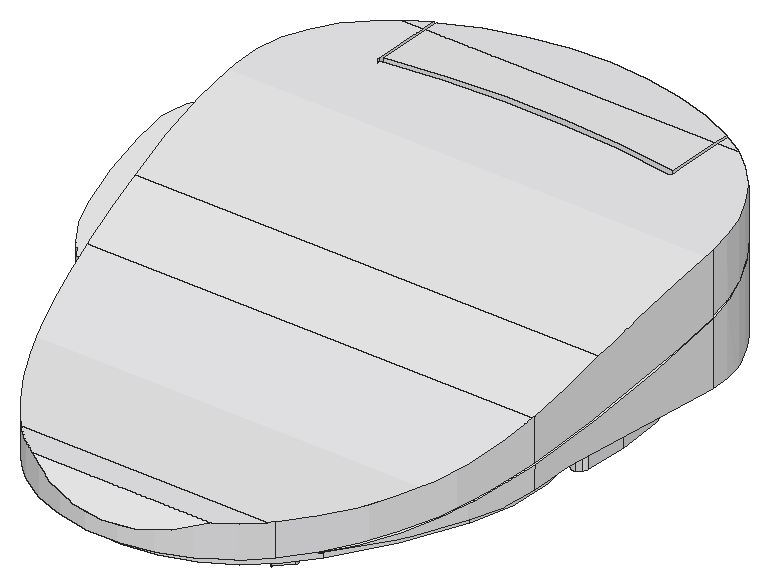
Revit family "Bidet_Seat-Elongated_Closed_Front-Cleansing-KOHLER-C3-145-K-31322T_1", category Plumbing Fixtures, host Face, Revit 2017
Family settings
  Host = Face
  Round Connector Dimension = Use Diameter
  Part Type = Normal
  OmniClass Number = 23.31.19.19.17
  OmniClass Title = Water Closet Seats
  Cut with Voids When Loaded = No
  Shared = No
  Room Calculation Point = No
Parameters (values of type "0-White")
  Width = 17 163/256"  # constant formula
  WaterSense Certified = 1 = 0  # no
  Waste Water Outlet = "Waste Water Outlet"  # constant formula
  Waste Connection = 1 = 0  # no
  Voltage = 220 V  # constant formula
  Vent Connection = 1 = 0  # no
  URL = "http://www.kohler.com.cn/"
  Type = 1
  Product Page URL = "https://www.kohler.com.cn/product/K-31322T-0/K-31322T-0/"
  Product Name = "C3-145"  # constant formula
  Product Documentation Link = "https://files.kohler.com.cn/pdfs/1518002013041_K-8298T-0_8998T_18649T.pdf"
  Pressure = 0.00 psi
  Model = "K-31322T-0"  # constant formula
  Material = "Plastic"  # constant formula
  Master Format 2014 Name = "Toilet, Bath, and Laundry Accessories"  # constant formula
  Master Format 2014 = "10 28 00"  # constant formula
  Manufacturer Address = "Kohler Beijing Office (100016) 36-2-03-B, No. 88, Liuxiang Road, Beijing"  # constant formula
  Manufacturer = "KOHLER Co."  # constant formula
  Length = 20 171/256"  # constant formula
  Hot Water Inlet = "Hot Water Inlet"  # constant formula
  Height = 5 191/256"  # constant formula
  HW Connection = 1 = 0  # no
  Flow Rate = 0 GPM
  Finish = Kohler-Plastic-0-White
  Environmental Product Declaration = ""
  Electrical Note = "One Dedicated Circuit Required"  # constant formula
  Electrical Connector = 1 = 1  # yes
  Description = "Qingshubao Smart Toilet Cover"  # constant formula
  Default Elevation = 15"
  Declare Label = ""
  Date Modified = "06/21/2021"  # constant formula
  Date Created = "06/21/2021"  # constant formula
  Copyright = "Copyright KOHLER Co."  # constant formula
  Contact Us = "http://www.kohler.com.cn/contact/contact-us/"
  Cold Water Inlet = "Cold Water Inlet"  # constant formula
  CW Connection = 1 = 1  # yes
  Assembly Code = "C1030200"
  Apparent Load = 2200 VA  # constant formula
  ADA Compliant = 1 = 0  # no
Reference planes (in)
  plane 1 "Center (Front/Back)": y = 0
  plane 2: z = 0
  plane 3 "Center (Left/Right)": x = 0
  plane 4: x = -9.88135
  plane 5: x = 7.75537
  plane 6: x = -7.75537
  plane 7: y = 10.33398
  plane 8: y = -10.33398
  plane 9: z = 5.38742
  plane 10: z = 0.62992
  plane 11: z = 1.69291
  plane 12: z = -0.31496
  plane 13: y = -1.55578
Forms (in)
  Extrusion 1, void
    sketch origin (0, 0, 0) x (0, 1, 0) y (0, 0, 1)
      loop
        line (5.6893, 0) -> (3.76218, 0) -> (3.76218, -0.36417) -> (5.6893, -0.36417) -> (5.6893, 0)
    from -0.6635 to 0.59674
Dimensions and locks (in)
  "Width": plane 4 to plane 5
  "Length": plane 8 to plane 7
  equal spacing: plane 8, plane 1 "Center (Front/Back)", plane 7
  equal spacing: plane 6, plane 3 "Center (Left/Right)", plane 5
  locked: plane 4 to plane 6 at 2.12598
  plane 6 to plane 5 = 15.51073"
  locked: plane 13 to plane 7 at 11.88976
  aligned and locked: plane 2 to host face
  aligned and locked: level to host face
  aligned and locked: plane 3 "Center (Left/Right)" to nested 1
  aligned and locked: plane 1 "Center (Front/Back)" to nested 1
Automatic sketch dimensions
  host sketch curve to host sketch curve = 96"  (x2)
  Extrusion 1 sketch curve to level = 0"
  Extrusion 1 sketch curve to plane 12 = 0.04921"
  Extrusion 1 sketch curve to plane 1 "Center (Front/Back)" = 3.76218"
  Extrusion 1 sketch curve to Extrusion 1 sketch curve = 1.92711"
Nested families (in)
  nested 1: "K-31322T" at (0, 0, -0.36061), type "K-31322T"
Connectors (in)
  electrical at (-7.91371, 2.1847, 1.65638), driven by "Voltage", driven by "Apparent Load", driven by "Electrical Connector", driven by "Electrical Note"
    settings: on nested 1, index 1, voltage 220 V, apparent load 2200 VA, apparent load phase1 0 VA, apparent load phase2 0 VA, apparent load phase3 0 VA, power factor 1, load classification "Power", number of poles 1, system type 30, power factor state 1, is connector primary yes, connector utility yes, sub classification motor yes, connector description "One Dedicated Circuit Required"
  piping at (-8.68537, 2.89953, 1.86135), diameter 0.5, driven by "Flow Rate", driven by "CW Connection", driven by "Cold Water Inlet"
    settings: on nested 1, index 2, connector inside diameter 24", connector length 0", flow factor 0, pipe flow 0 GPM, pressure drop 0.00 psi, fitting loss kfactor 0, connector angle 0.00°, fixture units 0, engagement length 0", angle of deflection 0.00°, flow configuration 0, flow direction 1, fitting loss method 0, system type 20, joint type 0, gender type 0, connector reference index -1, connector utility 1, adjustable connector no, is connector primary yes, connector description "Cold Water Inlet"
Definition of nested family "K-31322T"
  Parameters (values of type "K-31322T")
    Material = none
  Reference planes (in)
    plane 1 "Center (Front/Back)": y = 0
    plane 2: z = 0
    plane 3 "Center (Left/Right)": x = 0
    plane 4: x = 7.75591
    plane 5: x = -7.75591
    plane 6: y = 10.33465
    plane 7: y = -10.33465
    plane 8: x = -9.88189
    plane 9: z = 5.74803
    plane 10: z = 0.62992
    plane 11: z = 2.05352
    plane 12: z = 0.36061
    plane 13: y = -1.55512
  Forms (in)
    Extrusion 1, solid, material <- "Material", detail levels medium+fine
      sketch origin (0, 0, 0) x (1, 0, 0) y (0, 1, 0)
        loop
          arc (-4.1611, -8.43538) -> (0, -10.33465) -> (4.1611, -8.43538) r 5.50792
          arc (4.1611, -8.43538) -> (6.1734, -5.32654) -> (7.24698, -1.78229) r 13.25333
          arc (7.24698, -1.78229) -> (7.62848, 1.50716) -> (7.75591, 4.8162) r 43.03057
          spline (7.75591, 4.8162) -> (7.49156, 6.24503) -> (6.71674, 7.57536) -> (5.4842, 8.7181) -> (3.87777, 9.59517) -> (2.00733, 10.14659) -> (0, 10.33458) -> (-2.00732, 10.14656) -> (-3.87784, 9.5953) -> (-5.4841, 8.71838) -> (-6.71664, 7.57556) -> (-7.49152, 6.24469) -> (-7.75591, 4.8162)
          arc (-7.75591, 4.8162) -> (-7.62848, 1.50716) -> (-7.24698, -1.78229) r 43.03057
          arc (-7.24698, -1.78229) -> (-6.1734, -5.32654) -> (-4.1611, -8.43538) r 13.25333
      from 0.99806 to 5.74803
    Extrusion 2, void
      sketch origin (0, 0, 0) x (0, 1, 0) y (0, 0, 1)
        loop
          line (-11.37271, 2.05352) -> (-8.60086, 2.05352)
          arc (-8.60086, 2.05352) -> (-5.16909, 2.35718) -> (-1.84395, 3.25871) r 19.54405
          arc (-1.84395, 3.25871) -> (-0.67824, 3.69781) -> (0.481, 4.15373) r 86.12169
          arc (0.481, 4.15373) -> (4.52798, 5.3458) -> (8.72765, 5.74803) r 22.1254
          line (8.72765, 5.74803) -> (12.24934, 5.74803) -> (12.24934, 7.16535) -> (-11.37271, 7.16535) -> (-11.37271, 2.05352)
      from -13.23151 to 11.10812
    Extrusion 3, void
      sketch origin (0, 0, 0) x (1, 0, 0) y (0, 1, 0)
        loop
          line (-4.79232, 9.63353) -> (-4.79232, 6.91421)
          arc (-4.79232, 6.91421) -> (-4.76926, 6.85853) -> (-4.71358, 6.83547) r 0.07874
          arc (-4.71358, 6.83547) -> (0, 7.15272) -> (4.71358, 6.83547) r 35.17403
          arc (4.71358, 6.83547) -> (4.76926, 6.85853) -> (4.79232, 6.91421) r 0.07874
          line (4.79232, 6.91421) -> (4.79232, 9.63353) -> (4.70977, 9.63353) -> (4.70977, 7.01709)
          arc (4.70977, 7.01709) -> (0, 7.35332) -> (-4.70977, 7.01709) r 33.154
          line (-4.70977, 7.01709) -> (-4.70977, 9.63353) -> (-4.79232, 9.63353)
      from 5.11346 to 8.77571
    Extrusion 4, solid, material <- "Material", detail levels medium+fine
      sketch origin (0, 0, 0) x (1, 0, 0) y (0, 1, 0)
        loop
          arc (-4.42629, -7.54412) -> (0.23535, -9.84584) -> (4.68689, -7.16021) r 5.41467
          arc (4.68689, -7.16021) -> (5.70383, -5.3598) -> (6.47059, -3.43946) r 15.41096
          arc (6.47059, -3.43946) -> (0, 5.45337) -> (-6.47059, -3.43946) r 6.80048
          arc (-6.47059, -3.43946) -> (-5.60196, -5.56825) -> (-4.42629, -7.54412) r 15.41096
        loop
          arc (-1.76588, -6.97058) -> (0.00015, -7.8686) -> (1.76619, -6.97058) r 2.18553
          arc (1.76619, -6.97058) -> (3.41428, -3.82058) -> (4.07249, -0.32695) r 12.06174
          arc (4.07249, -0.32695) -> (0, 3.90463) -> (-4.07249, -0.32695) r 4.07548
          arc (-4.07249, -0.32695) -> (-3.41428, -3.82058) -> (-1.76588, -6.97058) r 12.06174
      from 0.63622 to 1.55
    Extrusion 5, void
      sketch origin (0, 0, 0) x (0, 1, 0) y (0, 0, 1)
        loop
          line (-9.54724, 0.6362) -> (-9.54724, 0.36061) -> (10.76392, 0.36061) -> (10.76392, 1.35867) -> (-0.64333, 1.35867)
          arc (-0.64333, 1.35867) -> (-1.679, 1.17167) -> (-2.72027, 1.01891) r 31.91272
          arc (-2.72027, 1.01891) -> (-5.67278, 0.73198) -> (-8.63765, 0.6362) r 45.93796
          line (-8.63765, 0.6362) -> (-9.54724, 0.6362)
      from -9.84252 to 9.84252
    Extrusion 6, solid, material <- "Material", detail levels medium+fine
      sketch origin (0, 0, 0) x (1, 0, 0) y (0, 1, 0)
        loop
          line (-2.26156, 3.95799) -> (2.26156, 3.95799)
          arc (2.26156, 3.95799) -> (4.98122, 3.0196) -> (6.54353, 0.60376) r 4.41027
          arc (6.54353, 0.60376) -> (6.683, 0.3881) -> (6.92578, 0.30433) r 0.3937
          line (6.92578, 0.30433) -> (7.13441, 0.30433)
          arc (7.13441, 0.30433) -> (7.22308, 0.34106) -> (7.25981, 0.42973) r 0.12539
          line (7.25981, 0.42973) -> (7.25981, 1.82959)
          arc (7.25981, 1.82959) -> (0, 9.0894) -> (-7.25981, 1.82959) r 7.25981
          line (-7.25981, 1.82959) -> (-7.25981, 0.42973)
          arc (-7.25981, 0.42973) -> (-7.22308, 0.34106) -> (-7.13441, 0.30433) r 0.12539
          line (-7.13441, 0.30433) -> (-6.92578, 0.30433)
          arc (-6.92578, 0.30433) -> (-6.683, 0.3881) -> (-6.54353, 0.60376) r 0.3937
          arc (-6.54353, 0.60376) -> (-4.98122, 3.0196) -> (-2.26156, 3.95799) r 4.41027
      from 0.62992 to 1.35867
    Sweep 7, void
      path in 3D
        loop
          line (7.25981, 0.05794, 0.62992) -> (7.25981, 1.82959, 0.62992)
          arc (7.25981, 1.82959, 0.62992) -> (0, 9.0894, 0.62992) -> (-7.25981, 1.82959, 0.62992) r 7.25981
          line (-7.25981, 1.82959, 0.62992) -> (-7.25981, -0.2184, 0.62992)
      profile origin (0, 9.0894, 0.62992) x (0, 1, 0) y (0, 0, -1)
        loop
          line (0, 0) -> (-0.41994, 0) -> (0, -0.16615) -> (0, 0)
    Extrusion 8, void
      sketch origin (0, 0, 0) x (0, 1, 0) y (0, 0, 1)
        loop
          arc (9.15501, 5.11346) -> (9.01421, 4.69705) -> (8.64962, 4.45153) r 0.68617
          arc (8.64962, 4.45153) -> (2.52282, 2.89184) -> (-3.65438, 1.54552) r 182.31005
          arc (-3.65438, 1.54552) -> (-6.29738, 1.14613) -> (-8.96628, 0.99806) r 28.28005
          line (-8.96628, 0.99806) -> (-8.96628, 0.95239)
          arc (-8.96628, 0.95239) -> (-6.29289, 1.10068) -> (-3.64543, 1.50074) r 28.32572
          arc (-3.64543, 1.50074) -> (2.53331, 2.84739) -> (8.66165, 4.40747) r 182.35572
          arc (8.66165, 4.40747) -> (9.0504, 4.66942) -> (9.20053, 5.11346) r 0.7317
          line (9.20053, 5.11346) -> (9.15501, 5.11346)
      from -10.51441 to 9.84252
    Extrusion 9, solid, material <- "Material", detail levels medium+fine
      sketch origin (0, 0, 0) x (1, 0, 0) y (0, 1, 0)
        loop
          line (-3.58717, -7.94985) -> (-2.82128, -6.83302)
          arc (-2.82128, -6.83302) -> (-2.8006, -6.76373) -> (-2.82418, -6.69538) r 0.11811
          line (-2.82418, -6.69538) -> (-3.04006, -6.40739)
          arc (-3.04006, -6.40739) -> (-3.09953, -6.37596) -> (-3.16158, -6.40193) r 0.07874
          line (-3.16158, -6.40193) -> (-4.03487, -7.37183)
          arc (-4.03487, -7.37183) -> (-4.05507, -7.42245) -> (-4.03755, -7.47407) r 0.07874
          line (-4.03755, -7.47407) -> (-3.65023, -7.95236)
          arc (-3.65023, -7.95236) -> (-3.61807, -7.96692) -> (-3.58717, -7.94985) r 0.03937
        loop
          arc (3.58717, -7.94985) -> (3.61807, -7.96692) -> (3.65023, -7.95236) r 0.03937
          line (3.65023, -7.95236) -> (4.03755, -7.47407)
          arc (4.03755, -7.47407) -> (4.05507, -7.42245) -> (4.03487, -7.37183) r 0.07874
          line (4.03487, -7.37183) -> (3.16158, -6.40193)
          arc (3.16158, -6.40193) -> (3.09953, -6.37596) -> (3.04006, -6.40739) r 0.07874
          line (3.04006, -6.40739) -> (2.82418, -6.69538)
          arc (2.82418, -6.69538) -> (2.8006, -6.76373) -> (2.82128, -6.83302) r 0.11811
          line (2.82128, -6.83302) -> (3.58717, -7.94985)
      from 0.36063 to 1.55
    Extrusion 10, solid, material <- "Material", detail levels medium+fine
      sketch origin (0, 0, 0.21297) x (0, 1, 0) y (0, 0, 1)
        loop
          arc (-0.13671, 0.47796) -> (-0.03555, 0.52194) -> (0.01193, 0.6215) r 0.15748
          line (0.01193, 0.6215) -> (0.07713, 1.36678) -> (-3.14566, 0.94424) -> (-2.39361, 0.43869)
          arc (-2.39361, 0.43869) -> (-2.27889, 0.38597) -> (-2.15337, 0.37227) r 0.3937
          line (-2.15337, 0.37227) -> (-0.13671, 0.47796)
      from 4.56709 to 6.44496
    Extrusion 11, solid, material <- "Material", detail levels medium+fine
      sketch origin (0, 0, 0.36061) x (0, 1, 0) y (0, 0, -1)
        loop
          line (-0.13671, -0.33032) -> (-2.15337, -0.22463)
          arc (-2.15337, -0.22463) -> (-2.27889, -0.23833) -> (-2.39361, -0.29106) r 0.3937
          line (-2.39361, -0.29106) -> (-3.14566, -0.7966) -> (0.07713, -1.21914) -> (0.01193, -0.47386)
          arc (0.01193, -0.47386) -> (-0.03555, -0.3743) -> (-0.13671, -0.33032) r 0.15748
      from 4.56709 to 6.44496
    Extrusion 12, solid, material <- "Material", detail levels medium+fine
      sketch origin (0, 0, 0) x (0, 1, 0) y (0, 0, 1)
        loop
          line (6.52211, 3.87117) -> (-1.53424, 1.6399)
          arc (-1.53424, 1.6399) -> (-1.54931, 1.62969) -> (-1.55512, 1.61245) r 0.02848
          line (-1.55512, 1.61245) -> (-1.55512, 1.52381)
          arc (-1.55512, 1.52381) -> (-1.5458, 1.50501) -> (-1.52519, 1.50105) r 0.02362
          line (-1.52519, 1.50105) -> (-1.48906, 1.51105) -> (-1.44456, 1.08759)
          arc (-1.44456, 1.08759) -> (-1.40488, 1.02156) -> (-1.3288, 1.00951) r 0.09113
          line (-1.3288, 1.00951) -> (6.06415, 3.1294)
          arc (6.06415, 3.1294) -> (6.28502, 3.26742) -> (6.39919, 3.5015) r 0.47244
          line (6.39919, 3.5015) -> (6.42444, 3.64474) -> (6.51892, 3.67183) -> (6.54966, 3.84613)
          arc (6.54966, 3.84613) -> (6.54278, 3.86625) -> (6.52211, 3.87117) r 0.02201
      from -10.56348 to -5.551
    Extrusion 13, void
      sketch origin (0, 0, 0) x (1, 0, 0) y (0, 1, 0)
        loop
          line (-6.89276, 6.78489) -> (-11.02662, 6.78489) -> (-11.02662, -1.55512) -> (-7.28161, -1.55512)
          arc (-7.28161, -1.55512) -> (-7.88353, -1.19172) -> (-8.43903, -0.76068) r 6.02524
          arc (-8.43903, -0.76068) -> (-9.12918, 0.05124) -> (-9.5525, 1.02914) r 3.61343
          arc (-9.5525, 1.02914) -> (-9.79919, 2.27548) -> (-9.88189, 3.54331) r 9.75979
          line (-9.88189, 3.54331) -> (-9.88189, 4.09677)
          arc (-9.88189, 4.09677) -> (-9.65858, 4.93018) -> (-9.04848, 5.54028) r 1.66682
          line (-9.04848, 5.54028) -> (-6.89276, 6.78489)
      from 0 to 9.84252
    Extrusion 14, void
      sketch origin (0, 0, 0.26931) x (0, 1, 0) y (0, 0, 1)
        loop
          line (-10.62905, 0.99806) -> (-9.50631, 1.78421) -> (-10.67533, 1.78421) -> (-10.67533, 0.99806) -> (-10.62905, 0.99806)
      from -3.93701 to 3.93701
    Extrusion 15, solid, material <- "Material", detail levels medium+fine
      sketch origin (0, 0, 0) x (0, 1, 0) y (0, 0, 1)
        loop
          line (5.84261, 0.62992) -> (4.05957, 0.62992) -> (4.05957, 0.22551) -> (4.01967, 0.22551) -> (4.01967, 0.14855) -> (4.27872, 0.04911)
          arc (4.27872, 0.04911) -> (4.34807, 0.02955) -> (4.41981, 0.02296) r 0.3937
          line (4.41981, 0.02296) -> (4.57874, 0.02296)
          arc (4.57874, 0.02296) -> (4.61548, 0.02882) -> (4.64858, 0.04582) r 0.11811
          line (4.64858, 0.04582) -> (4.83377, 0.18161)
          arc (4.83377, 0.18161) -> (4.85584, 0.19294) -> (4.88033, 0.19685) r 0.07874
          line (4.88033, 0.19685) -> (5.24585, 0.19685)
          arc (5.24585, 0.19685) -> (5.31229, 0.2084) -> (5.37094, 0.24171) r 0.19685
          line (5.37094, 0.24171) -> (5.84261, 0.62992)
      from -0.62921 to 0.55744
    Extrusion 16, solid, material <- "Material", detail levels coarse
      sketch origin (0, 0, 0) x (1, 0, 0) y (0, 1, 0)
        loop
          arc (-4.1611, -8.43538) -> (0, -10.33465) -> (4.1611, -8.43538) r 5.50792
          arc (4.1611, -8.43538) -> (6.1734, -5.32654) -> (7.24698, -1.78229) r 13.25333
          arc (7.24698, -1.78229) -> (7.62848, 1.50716) -> (7.75591, 4.8162) r 43.03057
          spline (7.75591, 4.8162) -> (7.49156, 6.24503) -> (6.71674, 7.57536) -> (5.4842, 8.7181) -> (3.87777, 9.59517) -> (2.00733, 10.14659) -> (0, 10.33458) -> (-2.00732, 10.14656) -> (-3.87784, 9.5953) -> (-5.4841, 8.71838) -> (-6.71664, 7.57556) -> (-7.49152, 6.24469) -> (-7.75591, 4.8162)
          arc (-7.75591, 4.8162) -> (-7.62848, 1.50716) -> (-7.24698, -1.78229) r 43.03057
          arc (-7.24698, -1.78229) -> (-6.1734, -5.32654) -> (-4.1611, -8.43538) r 13.25333
      from 0.02296 to 5.74803
    Extrusion 17, void
      sketch origin (0, 0, 0) x (0, 1, 0) y (0, 0, 1)
        loop
          line (-11.61776, 1.34062) -> (9.95329, 6.85243) -> (-11.61776, 6.85243) -> (-11.61776, 1.34062)
      from -11.84352 to 9.84252
    Extrusion 18, solid, material <- "Material", detail levels coarse
      sketch origin (0, 0, 0) x (0, 1, 0) y (0, 0, 1)
        loop
          line (-1.48506, 0.9647) -> (6.68385, 3.3071) -> (6.52211, 3.87117) -> (-1.66224, 1.60445) -> (-1.48506, 0.9647)
      from -9.88189 to -4.79232
    Extrusion 19, solid, material <- "Material", detail levels medium+fine
      sketch origin (0, 3.92772, 2.51679) x (0, -0.961262, -0.275637) y (-1, 0, 0)
        loop
          circle (1.06963, 8.68537) r 0.19685
      from 0 to -0.07874
  Cuts and joins
    Extrusion 2, Extrusion 3, Extrusion 5, Extrusion 8, Extrusion 14 cuts Extrusion 1
    Sweep 7 cuts Extrusion 6
    joined: Extrusion 1, Extrusion 6, Extrusion 10, Extrusion 11, Extrusion 15
    Extrusion 13 cuts Extrusion 12
    joined: Extrusion 4, Extrusion 9, Extrusion 12
    Extrusion 17 cuts Extrusion 16
    joined: Extrusion 16, Extrusion 18
  Lines and regions (in)
    Masking region 1
      outline origin (0, 0, 0) x (1, 0, 0) y (0, 1, 0)
        loop
          arc (-4.1611, -8.43538) -> (0, -10.33465) -> (4.1611, -8.43538) r 5.50792
          arc (4.1611, -8.43538) -> (6.1734, -5.32654) -> (7.24698, -1.78229) r 13.25333
          arc (7.24698, -1.78229) -> (7.62848, 1.50716) -> (7.75591, 4.8162) r 43.03057
          spline (7.75591, 4.8162) -> (7.54099, 6.10628) -> (6.90817, 7.32486) -> (5.89251, 8.40441) -> (4.55029, 9.28512) -> (2.95589, 9.91815) -> (1.19769, 10.26845) -> (-0.62689, 10.31659) -> (-2.41672, 10.05991) -> (-4.07263, 9.51262) -> (-5.50283, 8.70507) -> (-6.62808, 7.682) -> (-7.386, 6.50011)
          line (-7.386, 6.50011) -> (-9.04848, 5.54028)
          arc (-9.04848, 5.54028) -> (-9.65858, 4.93018) -> (-9.88189, 4.09677) r 1.66682
          line (-9.88189, 4.09677) -> (-9.88189, 3.54331)
          arc (-9.88189, 3.54331) -> (-9.79919, 2.27548) -> (-9.5525, 1.02914) r 9.75979
          arc (-9.5525, 1.02914) -> (-9.12918, 0.05124) -> (-8.43903, -0.76068) r 3.61343
          arc (-8.43903, -0.76068) -> (-7.88284, -1.1922) -> (-7.28011, -1.55591) r 6.02524
          arc (-7.28011, -1.55591) -> (-6.22109, -5.22255) -> (-4.1611, -8.43538) r 13.25333
    Masking region 2
      outline origin (0, 0, 0) x (1, 0, 0) y (0, 0, 1)
        loop
          line (-9.88189, 3.19396) -> (-9.88189, 2.40656)
          spline (-9.88189, 2.40656) -> (-9.87959, 2.34549) -> (-9.87263, 2.28445) -> (-9.86101, 2.22346) -> (-9.84475, 2.16255) -> (-9.82384, 2.10175) -> (-9.7983, 2.04108) -> (-9.76814, 1.98058) -> (-9.73338, 1.92026) -> (-9.69402, 1.86016) -> (-9.65008, 1.8003) -> (-9.60159, 1.74071) -> (-9.54849, 1.68147)
          spline (-9.54849, 1.68147) -> (-9.49962, 1.6339) -> (-9.44263, 1.58701) -> (-9.37764, 1.54093) -> (-9.3048, 1.49574) -> (-9.22427, 1.45156) -> (-9.13623, 1.40848) -> (-9.04089, 1.36659) -> (-8.93845, 1.326) -> (-8.82914, 1.2868) -> (-8.71321, 1.24906) -> (-8.59093, 1.21289) -> (-8.46256, 1.17835)
          spline (-8.46256, 1.17835) -> (-8.39612, 1.16176) -> (-8.32878, 1.14544) -> (-8.26058, 1.1294) -> (-8.19153, 1.11364) -> (-8.12163, 1.09817) -> (-8.05091, 1.08298) -> (-7.97938, 1.06808) -> (-7.90705, 1.05348) -> (-7.83395, 1.03917) -> (-7.76009, 1.02516) -> (-7.68548, 1.01146) -> (-7.61015, 0.99806)
          line (-7.61015, 0.99806) -> (-7.26028, 0.99806) -> (-7.26028, 0.79626) -> (-6.83987, 0.62992) -> (-4.05509, 0.62992) -> (-4.05509, 0.36061) -> (-2.80057, 0.36061) -> (-2.80057, 0.62992) -> (-0.62921, 0.62992) -> (-0.62921, 0) -> (0.55744, 0) -> (0.55744, 0.62992) -> (2.80057, 0.62992) -> (2.80057, 0.36061) -> (4.05509, 0.36061) -> (4.05509, 0.63622) -> (6.85579, 0.63622) -> (7.26028, 0.79626) -> (7.26028, 0.99806)
          arc (7.26028, 0.99806) -> (7.61077, 1.14353) -> (7.75591, 1.49416) r 0.4961
          line (7.75591, 1.49416) -> (7.75591, 5.39954)
          spline (7.75591, 5.39954) -> (7.73615, 5.46586) -> (7.67937, 5.52425) -> (7.58528, 5.57513) -> (7.45575, 5.61849) -> (7.29327, 5.65437) -> (7.10076, 5.68327) -> (6.88117, 5.70585) -> (6.63719, 5.72279) -> (6.37156, 5.73479) -> (6.08741, 5.74255) -> (5.78725, 5.74676) -> (5.47074, 5.74803)
          line (5.47074, 5.74803) -> (-5.47104, 5.74803)
          spline (-5.47104, 5.74803) -> (-5.78753, 5.74676) -> (-6.08765, 5.74255) -> (-6.37175, 5.73479) -> (-6.63732, 5.72279) -> (-6.8812, 5.70585) -> (-7.10069, 5.68326) -> (-7.29315, 5.65436) -> (-7.45562, 5.61848) -> (-7.5852, 5.57512) -> (-7.67935, 5.52424) -> (-7.73616, 5.46585) -> (-7.75591, 5.39954)
          line (-7.75591, 5.39954) -> (-7.75591, 3.80593) -> (-9.07967, 3.59426)
          spline (-9.07967, 3.59426) -> (-9.19936, 3.57182) -> (-9.31158, 3.54678) -> (-9.41554, 3.51931) -> (-9.51049, 3.48962) -> (-9.59579, 3.4579) -> (-9.67081, 3.42439) -> (-9.73504, 3.38931) -> (-9.78801, 3.35293) -> (-9.82937, 3.31548) -> (-9.85881, 3.27724) -> (-9.87613, 3.23847) -> (-9.88121, 3.19945)
    Masking region 3
      outline origin (0, 0, 0) x (0, 1, 0) y (0, 0, 1)
        loop
          line (10.33465, 0.99806) -> (10.33465, 5.13131) -> (9.71792, 5.74803) -> (8.72765, 5.74803)
          arc (8.72765, 5.74803) -> (4.52798, 5.3458) -> (0.481, 4.15373) r 22.1254
          arc (0.481, 4.15373) -> (-0.64758, 3.70962) -> (-1.78229, 3.28145) r 86.12169
          arc (-1.78229, 3.28145) -> (-5.48656, 2.30497) -> (-9.30912, 2.05352) r 19.97649
          line (-9.30912, 2.05352) -> (-9.5444, 2.05352)
          arc (-9.5444, 2.05352) -> (-9.59175, 2.04624) -> (-9.63472, 2.02504) r 0.15748
          line (-9.63472, 2.02504) -> (-10.21481, 1.61886)
          arc (-10.21481, 1.61886) -> (-10.27323, 1.55455) -> (-10.29827, 1.47134) r 0.19685
          line (-10.29827, 1.47134) -> (-10.33465, 0.95116) -> (-9.85064, 0.95116) -> (-9.85064, 0.71494)
          arc (-9.85064, 0.71494) -> (-9.82758, 0.65926) -> (-9.7719, 0.6362) r 0.07874
          line (-9.7719, 0.6362) -> (-8.63765, 0.6362)
          arc (-8.63765, 0.6362) -> (-8.3033, 0.63742) -> (-7.96897, 0.64107) r 45.93796
          line (-7.96897, 0.64107) -> (-7.77259, 0.36061) -> (-6.45833, 0.36061) -> (-6.39119, 0.62992) -> (-6.00687, 0.62992)
          arc (-6.00687, 0.62992) -> (-4.23466, 0.68505) -> (-2.46931, 0.85021) r 28.51502
          line (-2.46931, 0.85021) -> (-2.34085, 0.76385)
          arc (-2.34085, 0.76385) -> (-2.13118, 0.66415) -> (-1.90156, 0.62992) r 0.7874
          line (-1.90156, 0.62992) -> (0.01267, 0.62992) -> (0.05773, 1.14497)
          arc (0.05773, 1.14497) -> (3.11114, 1.98523) -> (6.06415, 3.1294) r 31.33592
          arc (6.06415, 3.1294) -> (3.31449, 1.89212) -> (0.42643, 1.02575) r 22.9642
          arc (0.42643, 1.02575) -> (0.33859, 0.97043) -> (0.30433, 0.87243) r 0.15731
          line (0.30433, 0.87243) -> (0.30433, 0.62992) -> (4.05957, 0.62992) -> (4.05957, 0.22551) -> (4.01967, 0.22551) -> (4.01967, 0.14855) -> (4.27872, 0.04911)
          arc (4.27872, 0.04911) -> (4.34807, 0.02955) -> (4.41981, 0.02296) r 0.3937
          line (4.41981, 0.02296) -> (4.57874, 0.02296)
          arc (4.57874, 0.02296) -> (4.61548, 0.02882) -> (4.64858, 0.04582) r 0.11811
          line (4.64858, 0.04582) -> (4.83377, 0.18161)
          arc (4.83377, 0.18161) -> (4.85584, 0.19294) -> (4.88033, 0.19685) r 0.07874
          line (4.88033, 0.19685) -> (5.24585, 0.19685)
          arc (5.24585, 0.19685) -> (5.31229, 0.2084) -> (5.37094, 0.24171) r 0.19685
          line (5.37094, 0.24171) -> (5.84261, 0.62992) -> (8.66946, 0.62992) -> (9.0894, 0.79607) -> (9.0894, 0.99806)
          arc (9.0894, 0.99806) -> (9.25066, 1.15932) -> (9.41192, 0.99806) r 0.16126
          line (9.41192, 0.99806) -> (10.33465, 0.99806)
    sketch lines
      curve 1: arc (7.25981, 1.82959, 0.62992) -> (0, 9.0894, 0.62992) -> (-7.25981, 1.82959, 0.62992) r 7.25981
      curve 2: line (-7.25981, -0.2184, 0.62992) -> (-7.25981, 1.82959, 0.62992)
      curve 3: line (7.25981, 1.82959, 0.62992) -> (7.25981, 0.05794, 0.62992)
    symbolic lines, detail levels medium+fine
      curve 4: arc (-7.75591, 4.8162, 0) -> (-7.62848, 1.50716, 0) -> (-7.24698, -1.78229, 0) r 43.03057
      curve 5: line (7.75591, 4.8162, 0) -> (-7.75591, 4.8162, 0)
      curve 6: line (-4.79232, 9.15501, 0) -> (-4.79232, 6.91421, 0)
      curve 7: line (-4.70977, 7.01709, 0) -> (-4.70977, 9.20053, 0)
      curve 8: arc (4.70977, 7.01709, 0) -> (0, 7.35332, 0) -> (-4.70977, 7.01709, 0) r 33.154
      curve 9: arc (-4.79232, 6.91421, 0) -> (-4.76926, 6.85853, 0) -> (-4.71358, 6.83547, 0) r 0.07874
      curve 10: line (4.79232, 6.91421, 0) -> (4.79232, 9.1548, 0)
      curve 11: line (4.70977, 9.20032, 0) -> (4.70977, 7.01709, 0)
      curve 12: arc (-4.71358, 6.83547, 0) -> (0, 7.15272, 0) -> (4.71358, 6.83547, 0) r 35.17403
      curve 13: arc (4.71358, 6.83547, 0) -> (4.76926, 6.85853, 0) -> (4.79232, 6.91421, 0) r 0.07874
      curve 14: arc (-4.70977, 9.07348, 0) -> (-2.62006, 9.90798, 0) -> (-0.39625, 10.25139, 0) r 9.94597
      curve 15: arc (-4.70977, 8.91072, 0) -> (0, 9.99975, 0) -> (4.70977, 8.91072, 0) r 10.72881
      curve 16: line (-7.50699, 6.20296, 0) -> (-8.95006, 5.3698, 0)
      curve 17: arc (-8.95006, 5.3698, 0) -> (-9.4881, 4.83176, 0) -> (-9.68504, 4.09677, 0) r 1.46997
      curve 18: line (-9.68504, 4.09677, 0) -> (-9.68504, 3.54331, 0)
      curve 19: arc (-9.68504, 3.54331, 0) -> (-9.60401, 2.30105, 0) -> (-9.3623, 1.07985, 0) r 9.56294
      curve 20: arc (-9.3623, 1.07985, 0) -> (-8.618, -0.30605, 0) -> (-7.33163, -1.21155, 0) r 3.41658
      curve 21: arc (-7.67717, 4.8162, 0) -> (-7.54998, 1.51321, 0) -> (-7.16917, -1.77021, 0) r 42.95183
      curve 22: arc (-7.16917, -1.77021, 0) -> (-6.10197, -5.29341, 0) -> (-4.10162, -8.38379, 0) r 13.17459
      curve 23: arc (-4.10162, -8.38379, 0) -> (0, -10.25591, 0) -> (4.10162, -8.38379, 0) r 5.42918
      curve 24: arc (4.10162, -8.38379, 0) -> (6.10197, -5.29341, 0) -> (7.16917, -1.77021, 0) r 13.17459
      curve 25: arc (7.16917, -1.77021, 0) -> (7.54998, 1.51321, 0) -> (7.67717, 4.8162, 0) r 42.95183
      curve 26: arc (-3.89047, -8.09047, 0) -> (-1.01817, -9.55198, 0) -> (2.18146, -9.16657, 0) r 5.53722
      curve 27: arc (-5.19581, -6.2525, 0) -> (-4.62945, -7.23278, 0) -> (-3.89047, -8.09047, 0) r 6.05361
      curve 28: arc (-7.18953, 4.8162, 0) -> (-6.89381, -0.84444, 0) -> (-5.19581, -6.2525, 0) r 22.54978
      curve 29: arc (-4.79232, 8.26557, 0) -> (-6.46223, 6.86843, 0) -> (-7.18953, 4.8162, 0) r 4.12983
      curve 30: arc (5.19581, -6.2525, 0) -> (4.62945, -7.23278, 0) -> (3.89047, -8.09047, 0) r 6.05361
      curve 31: arc (7.18953, 4.8162, 0) -> (6.89381, -0.84444, 0) -> (5.19581, -6.2525, 0) r 22.54978
      curve 32: arc (4.79232, 8.26557, 0) -> (6.46223, 6.86843, 0) -> (7.18953, 4.8162, 0) r 4.12983
      curve 33: arc (2.18146, -9.16657, 0) -> (3.07553, -8.69135, 0) -> (3.89047, -8.09047, 0) r 6.90415
      curve 34: line (-0.39625, 10.33465, 0) -> (0.39115, 10.33465, 0)
      curve 35: line (-0.39625, 10.1378, 0) -> (-0.39625, 10.33465, 0)
      curve 36: line (0.39115, 10.1378, 0) -> (-0.39625, 10.1378, 0)
      curve 37: line (0.39115, 10.33465, 0) -> (0.39115, 10.1378, 0)
      curve 38: arc (0.39115, 10.25159, 0) -> (2.6176, 9.90865, 0) -> (4.70977, 9.07348, 0) r 9.94597
      curve 39: arc (-4.70977, 9.07348, 0) -> (-6.80803, 7.3732, 0) -> (-7.67717, 4.8162, 0) r 4.86816
      curve 40: arc (4.70977, 9.07348, 0) -> (6.80803, 7.3732, 0) -> (7.67717, 4.8162, 0) r 4.86816
      curve 41: spline (-7.24685, 0, 3.64175) -> (-7.27611, 0, 3.71273) -> (-7.30449, 0, 3.7842) -> (-7.33199, 0, 3.85616) -> (-7.35862, 0, 3.92862) -> (-7.38436, 0, 4.00157) -> (-7.40922, 0, 4.07501) -> (-7.4332, 0, 4.14894) -> (-7.4563, 0, 4.22335) -> (-7.47851, 0, 4.29825) -> (-7.49984, 0, 4.37364) -> (-7.52029, 0, 4.4495) -> (-7.53985, 0, 4.52584)
      curve 42: spline (-6.86274, 0, 3.029) -> (-6.90357, 0, 3.07807) -> (-6.94281, 0, 3.12751) -> (-6.98046, 0, 3.17733) -> (-7.0165, 0, 3.22753) -> (-7.05095, 0, 3.27809) -> (-7.08378, 0, 3.32901) -> (-7.11501, 0, 3.38028) -> (-7.14462, 0, 3.43191) -> (-7.17261, 0, 3.48387) -> (-7.19898, 0, 3.53617) -> (-7.22373, 0, 3.5888) -> (-7.24685, 0, 3.64175)
      curve 43: line (-4.10033, 0, 2.05352) -> (-6.86274, 0, 3.029)
      curve 44: line (0, 0, 1.55007) -> (-4.59326, 0, 1.55007)
      curve 45: arc (-4.59326, 0, 1.55007) -> (-6.5367, 0, 2.17301) -> (-7.75586, 0, 3.80967) r 3.34303
      curve 46: spline (-7.24698, 0, 1.92988) -> (-7.2215, 0, 1.89661) -> (-7.1941, 0, 1.86356) -> (-7.16479, 0, 1.83072) -> (-7.13356, 0, 1.7981) -> (-7.10043, 0, 1.7657) -> (-7.0654, 0, 1.73353) -> (-7.02847, 0, 1.70159) -> (-6.98965, 0, 1.66988) -> (-6.94894, 0, 1.63842) -> (-6.90635, 0, 1.6072) -> (-6.86189, 0, 1.57623) -> (-6.81556, 0, 1.54552)
      curve 47: spline (-7.24867, 0, 1.88544) -> (-7.32977, 0, 2.00182) -> (-7.40384, 0, 2.12008) -> (-7.47086, 0, 2.24022) -> (-7.53084, 0, 2.3622) -> (-7.58376, 0, 2.48601) -> (-7.6296, 0, 2.61163) -> (-7.66837, 0, 2.73904) -> (-7.70005, 0, 2.86821) -> (-7.72465, 0, 2.99913) -> (-7.74215, 0, 3.13177) -> (-7.75255, 0, 3.26611) -> (-7.75586, 0, 3.40213)
      curve 48: line (-6.81556, 0, 1.54552) -> (-4.11517, 0, 0.99806)
      curve 49: line (-7.62265, 0, 0.99806) -> (7.25981, 0, 0.99806)
      curve 50: spline (-9.54874, 0, 2.34607) -> (-9.49986, 0, 2.30009) -> (-9.44286, 0, 2.25478) -> (-9.37787, 0, 2.21024) -> (-9.30503, 0, 2.16658) -> (-9.22451, 0, 2.12388) -> (-9.13649, 0, 2.08226) -> (-9.04116, 0, 2.0418) -> (-8.93875, 0, 2.00259) -> (-8.82949, 0, 1.96472) -> (-8.71361, 0, 1.92828) -> (-8.59138, 0, 1.89335) -> (-8.46309, 0, 1.86)
      curve 51: spline (-8.46309, 0, 1.86) -> (-8.37529, 0, 1.83892) -> (-8.28595, 0, 1.81829) -> (-8.19512, 0, 1.79814) -> (-8.10283, 0, 1.77847) -> (-8.00911, 0, 1.75928) -> (-7.914, 0, 1.74059) -> (-7.81754, 0, 1.7224) -> (-7.71976, 0, 1.70472) -> (-7.6207, 0, 1.68755) -> (-7.52039, 0, 1.6709) -> (-7.41888, 0, 1.65479) -> (-7.31621, 0, 1.6392)
      curve 52: spline (-9.88189, 0, 3.04617) -> (-9.87959, 0, 2.9872) -> (-9.87263, 0, 2.92826) -> (-9.86102, 0, 2.86937) -> (-9.84477, 0, 2.81056) -> (-9.82388, 0, 2.75185) -> (-9.79836, 0, 2.69327) -> (-9.76822, 0, 2.63485) -> (-9.73348, 0, 2.57662) -> (-9.69414, 0, 2.51859) -> (-9.65024, 0, 2.46079) -> (-9.60179, 0, 2.40326) -> (-9.5488, 0, 2.34601)
      curve 53: spline (-7.40359, 0, 1.51105) -> (-7.41037, 0, 1.47513) -> (-7.41712, 0, 1.4392) -> (-7.42386, 0, 1.40327) -> (-7.43057, 0, 1.36733) -> (-7.43727, 0, 1.3314) -> (-7.44395, 0, 1.29545) -> (-7.45061, 0, 1.25951) -> (-7.45725, 0, 1.22356) -> (-7.46387, 0, 1.18761) -> (-7.47047, 0, 1.15165) -> (-7.47705, 0, 1.11569) -> (-7.48362, 0, 1.07973)
      curve 54: line (-7.28161, 0, 1.61387) -> (-7.28161, 0, 1.5218)
      curve 55: spline (-7.31621, 0, 1.6392) -> (-7.3126, 0, 1.63891) -> (-7.30903, 0, 1.63824) -> (-7.30553, 0, 1.63722) -> (-7.30213, 0, 1.63583) -> (-7.29886, 0, 1.6341) -> (-7.29574, 0, 1.63204) -> (-7.2928, 0, 1.62967) -> (-7.29006, 0, 1.627) -> (-7.28756, 0, 1.62406) -> (-7.2853, 0, 1.62088) -> (-7.28331, 0, 1.61747) -> (-7.28161, 0, 1.61387)
      curve 56: spline (-7.32791, 0, 1.49958) -> (-7.33424, 0, 1.50053) -> (-7.34057, 0, 1.50147) -> (-7.34689, 0, 1.50242) -> (-7.35321, 0, 1.50337) -> (-7.35952, 0, 1.50433) -> (-7.36583, 0, 1.50528) -> (-7.37214, 0, 1.50624) -> (-7.37844, 0, 1.5072) -> (-7.38473, 0, 1.50816) -> (-7.39102, 0, 1.50912) -> (-7.39731, 0, 1.51008) -> (-7.40359, 0, 1.51105)
      curve 57: spline (-7.28161, 0, 1.5218) -> (-7.28449, 0, 1.51798) -> (-7.28765, 0, 1.51445) -> (-7.29105, 0, 1.51124) -> (-7.29467, 0, 1.50837) -> (-7.29848, 0, 1.50587) -> (-7.30245, 0, 1.50374) -> (-7.30655, 0, 1.50202) -> (-7.31075, 0, 1.50072) -> (-7.31502, 0, 1.49983) -> (-7.31932, 0, 1.49938) -> (-7.32362, 0, 1.49936) -> (-7.32788, 0, 1.49977)
      curve 58: spline (-7.48362, 0, 1.07973) -> (-7.49263, 0, 1.06828) -> (-7.5023, 0, 1.0576) -> (-7.51258, 0, 1.04776) -> (-7.52342, 0, 1.03881) -> (-7.53476, 0, 1.03079) -> (-7.54653, 0, 1.02375) -> (-7.55867, 0, 1.01773) -> (-7.57112, 0, 1.01276) -> (-7.58382, 0, 1.00887) -> (-7.59668, 0, 1.00607) -> (-7.60965, 0, 1.00439) -> (-7.62265, 0, 1.00382)
      curve 59: line (-0.62921, 0, 0.14855) -> (0.55189, 0, 0.14855)
      curve 60: line (-0.62921, 0, 0.62992) -> (0.55744, 0, 0.62992)
      curve 61: spline (7.24685, 0, 3.64175) -> (7.27611, 0, 3.71273) -> (7.30449, 0, 3.7842) -> (7.33199, 0, 3.85616) -> (7.35862, 0, 3.92862) -> (7.38436, 0, 4.00157) -> (7.40922, 0, 4.07501) -> (7.4332, 0, 4.14894) -> (7.4563, 0, 4.22335) -> (7.47851, 0, 4.29825) -> (7.49984, 0, 4.37364) -> (7.52029, 0, 4.4495) -> (7.53985, 0, 4.52584)
      curve 62: spline (6.86274, 0, 3.029) -> (6.90357, 0, 3.07807) -> (6.94281, 0, 3.12751) -> (6.98046, 0, 3.17733) -> (7.0165, 0, 3.22753) -> (7.05095, 0, 3.27809) -> (7.08378, 0, 3.32901) -> (7.11501, 0, 3.38028) -> (7.14462, 0, 3.43191) -> (7.17261, 0, 3.48387) -> (7.19898, 0, 3.53617) -> (7.22373, 0, 3.5888) -> (7.24685, 0, 3.64175)
      curve 63: line (4.10033, 0, 2.05352) -> (6.86274, 0, 3.029)
      curve 64: line (0, 0, 1.55007) -> (4.59326, 0, 1.55007)
      curve 65: arc (4.59326, 0, 1.55007) -> (6.5367, 0, 2.17301) -> (7.75586, 0, 3.80967) r 3.34303
      curve 66: spline (7.24698, 0, 1.92988) -> (7.2215, 0, 1.89661) -> (7.1941, 0, 1.86356) -> (7.16479, 0, 1.83072) -> (7.13356, 0, 1.7981) -> (7.10043, 0, 1.7657) -> (7.0654, 0, 1.73353) -> (7.02847, 0, 1.70159) -> (6.98965, 0, 1.66988) -> (6.94894, 0, 1.63842) -> (6.90635, 0, 1.6072) -> (6.86189, 0, 1.57623) -> (6.81556, 0, 1.54552)
      curve 67: spline (7.24867, 0, 1.88544) -> (7.32977, 0, 2.00182) -> (7.40384, 0, 2.12008) -> (7.47086, 0, 2.24022) -> (7.53084, 0, 2.3622) -> (7.58376, 0, 2.48601) -> (7.6296, 0, 2.61163) -> (7.66837, 0, 2.73904) -> (7.70005, 0, 2.86821) -> (7.72465, 0, 2.99913) -> (7.74215, 0, 3.13177) -> (7.75255, 0, 3.26611) -> (7.75586, 0, 3.40213)
      curve 68: line (6.81556, 0, 1.54552) -> (4.11517, 0, 0.99806)
      curve 69: spline (-4.70977, 0, 5.68181) -> (-3.92889, 0, 5.68976) -> (-3.14579, 0, 5.69628) -> (-2.36091, 0, 5.70134) -> (-1.57468, 0, 5.70497) -> (-0.78756, 0, 5.70714) -> (0, 0, 5.70787) -> (0.78756, 0, 5.70714) -> (1.57468, 0, 5.70497) -> (2.36091, 0, 5.70134) -> (3.14579, 0, 5.69628) -> (3.92889, 0, 5.68976) -> (4.70977, 0, 5.68181)
      curve 70: spline (-4.71342, 0, 5.66697) -> (-4.72373, 0, 5.66703) -> (-4.73386, 0, 5.6672) -> (-4.74364, 0, 5.66747) -> (-4.75291, 0, 5.66786) -> (-4.76149, 0, 5.66834) -> (-4.76925, 0, 5.66891) -> (-4.77606, 0, 5.66956) -> (-4.78179, 0, 5.67028) -> (-4.78635, 0, 5.67106) -> (-4.78965, 0, 5.67188) -> (-4.79165, 0, 5.67273) -> (-4.79231, 0, 5.67359)
      curve 71: line (-4.70977, 0, 5.68181) -> (-4.70977, 0, 5.74848)
      curve 72: line (-4.79232, 0, 5.67359) -> (-4.79232, 0, 5.74803)
      curve 73: line (-4.71342, 0, 5.66697) -> (4.7144, 0, 5.66697)
      curve 74: spline (4.79231, 0, 5.67359) -> (4.79166, 0, 5.67275) -> (4.78969, 0, 5.67192) -> (4.78644, 0, 5.67112) -> (4.78195, 0, 5.67036) -> (4.77631, 0, 5.66964) -> (4.7696, 0, 5.669) -> (4.76194, 0, 5.66843) -> (4.75347, 0, 5.66794) -> (4.74432, 0, 5.66754) -> (4.73465, 0, 5.66725) -> (4.72462, 0, 5.66706) -> (4.7144, 0, 5.66697)
      curve 75: line (4.79232, 0, 5.74803) -> (4.79232, 0, 5.67359)
      curve 76: line (4.70977, 0, 5.74803) -> (4.70977, 0, 5.66697)
      curve 77: line (-2.80057, 0, 0.62992) -> (-4.05509, 0, 0.62992)
      curve 78: arc (-6.60825, 0, 0.62992) -> (-6.7639, 0, 0.7829) -> (-6.80044, 0, 0.99806) r 0.35446
      curve 79: line (-7.75586, 0, 3.40213) -> (-7.75586, 0, 4.09312)
      curve 80: line (-4.10033, 0, 2.05352) -> (4.10033, 0, 2.05352)
      curve 81: arc (6.60825, 0, 0.62992) -> (6.7639, 0, 0.7829) -> (6.80044, 0, 0.99806) r 0.35446
      curve 82: line (0, 10.33465, 5.13131) -> (0, 8.36614, 5.13131)
      curve 83: arc (0, 8.36614, 5.13131) -> (0, 4.95877, 4.73405) -> (0, 1.73418, 3.56356) r 14.81132
      curve 84: arc (0, -5.10733, 1.69105) -> (0, -7.64755, 1.58843) -> (0, -10.18938, 1.63667) r 42.8417
      curve 85: arc (0, -4.64863, 1.57368) -> (0, -7.47095, 1.43913) -> (0, -10.29601, 1.49026) r 42.99324
      curve 86: arc (0, 8.36614, 4.97973) -> (0, 4.93501, 4.57255) -> (0, 1.69448, 3.37361) r 14.65974
      curve 87: line (0, 10.33465, 4.97973) -> (0, 8.36614, 4.97973)
      curve 88: line (0, 6.20079, 0.62992) -> (0, 3.81558, 0.62992)
      curve 89: line (0, 9.0894, 0.99806) -> (0, 0.36697, 0.99806)
      curve 90: line (0, 9.0894, 0.79607) -> (0, 0.30433, 0.79607)
      curve 91: line (0, 9.15501, 5.74803) -> (0, 9.15501, 5.13131)
      curve 92: line (0, 9.20053, 5.13131) -> (0, 9.20053, 5.74803)
      curve 93: arc (0, 9.14185, 4.97973) -> (0, 8.97082, 4.64565) -> (0, 8.64962, 4.45153) r 0.68617
      curve 94: arc (0, 8.64962, 4.45153) -> (0, 8.06225, 4.29216) -> (0, 7.47436, 4.13476) r 182.31005
      curve 95: arc (0, 7.56922, 4.11275) -> (0, 8.11566, 4.25926) -> (0, 8.66165, 4.40747) r 182.35572
      curve 96: arc (0, 8.66165, 4.40747) -> (0, 9.00726, 4.61784) -> (0, 9.18821, 4.97973) r 0.73159
      curve 97: arc (0, -1.55512, 1.61276) -> (0, 3.00267, 2.87877) -> (0, 7.56922, 4.11275) r 673.93876
      curve 98: arc (0, -1.60332, 1.64666) -> (0, 2.93117, 2.90656) -> (0, 7.47436, 4.13476) r 673.98446
      curve 99: line (0, -9.8493, 0.99681) -> (0, -10.33465, 0.99681)
      curve 100: arc (0, 9.26635, 4.97973) -> (0, 9.1039, 4.58666) -> (0, 8.71134, 4.42296) r 0.55678
      curve 101: arc (0, 9.20053, 5.31952) -> (0, 9.24974, 5.15279) -> (0, 9.26635, 4.97973) r 0.90996
      curve 102: line (0, -1.3288, 1.00951) -> (0, 6.06415, 3.1294)
      curve 103: arc (0, 6.06415, 3.1294) -> (0, 6.28502, 3.26742) -> (0, 6.39919, 3.5015) r 0.47244
      curve 104: line (0, 6.42444, 3.64474) -> (0, 6.51892, 3.67183)
      curve 105: line (0, 6.39919, 3.5015) -> (0, 6.42444, 3.64474)
      curve 106: line (0, -1.48906, 1.51105) -> (0, -1.44456, 1.08759)
      curve 107: arc (0, -1.55512, 1.52381) -> (0, -1.5458, 1.50501) -> (0, -1.52519, 1.50105) r 0.02362
      curve 108: line (0, -1.52519, 1.50105) -> (0, -1.48906, 1.51105)
      curve 109: line (0, -1.55512, 1.61276) -> (0, -1.55512, 1.52381)
      curve 110: arc (0, -1.44456, 1.08759) -> (0, -1.40488, 1.02156) -> (0, -1.3288, 1.00951) r 0.09113
      curve 111: arc (0, 6.51892, 3.67183) -> (0, 6.58596, 3.74676) -> (0, 6.54741, 3.83962) r 0.09439
      curve 112: arc (0, 6.06415, 3.1294) -> (0, 3.00313, 2.10085) -> (0, -0.09616, 1.19409) r 81.67916
      curve 113: line (0, 6.42444, 3.64474) -> (0, -1.48906, 1.51105)
      curve 114: circle (0, 2.78446, 1.26445) r 0.26639 normal (1, 0, 0)
      curve 115: circle (0, 2.78452, 1.26307) r 0.19685 normal (1, 0, 0)
      curve 116: arc (0, -0.09616, 1.19409) -> (0, -0.17236, 1.24913) -> (0, -0.2274, 1.32533) r 0.29522
      curve 117: line (0, -1.44456, 1.08759) -> (0, -1.44456, 0.96974)
      curve 118: line (0, -7.80006, 0.39984) -> (0, -6.44855, 0.39984)
      curve 119: line (0, -2.24342, 0.708) -> (0, 0.0195, 0.708)
      curve 120: line (0, 5.29526, 0.25591) -> (0, 5.74968, 0.62992)
      curve 121: line (0, 4.83523, 0.25591) -> (0, 5.29526, 0.25591)
      curve 122: line (0, 4.59807, 0.08201) -> (0, 4.83523, 0.25591)
      curve 123: line (0, 4.35779, 0.08201) -> (0, 4.59807, 0.08201)
      curve 124: line (0, 4.11862, 0.17382) -> (0, 4.35779, 0.08201)
      curve 125: line (0, 4.11862, 0.62992) -> (0, 4.11862, 0.17382)
      curve 126: line (0, 1.84625, 1.86141) -> (0, 1.60752, 1.79745)
      curve 127: line (0, 1.60752, 1.79745) -> (0, 1.6244, 1.73445)
      curve 128: line (0, 1.6244, 1.73445) -> (0, 1.84625, 1.79389)
      curve 129: line (0, 1.84625, 1.79389) -> (0, 1.84625, 1.86141)
      curve 130: line (-7.40359, 0, 1.51105) -> (-8.34064, 0, 1.69291)
      curve 131: arc (-8.34064, 0, 1.69291) -> (-8.9515, 0, 1.87154) -> (-9.51892, 0, 2.1598) r 3.4347
      curve 132: arc (-9.51892, 0, 2.1598) -> (-9.76481, 0, 2.40511) -> (-9.88189, 0, 2.73211) r 0.79088
      curve 133: line (-7.32788, 0, 1.49977) -> (-6.73733, 0, 1.49977)
      curve 134: line (-7.31621, 0, 1.6392) -> (-6.94998, 0, 1.6392)
      curve 135: arc (0, 1.73418, 3.56356) -> (0, -1.59401, 2.28909) -> (0, -5.10733, 1.69105) r 18.11024
      curve 136: arc (0, -4.64863, 1.57368) -> (0, -1.3886, 2.16184) -> (0, 1.69448, 3.37361) r 16.92913
      curve 137: arc (0, -1.60332, 1.64666) -> (0, -5.71353, 1.15953) -> (0, -9.8493, 0.99681) r 52.64177
      curve 138: arc (0, -1.55512, 1.60808) -> (0, -5.68989, 1.11558) -> (0, -9.85064, 0.95114) r 52.68744
      curve 139: line (0, -2.46931, 0.85021) -> (0, 0.05773, 1.14497)
      curve 140: line (0, -6.39119, 0.62992) -> (0, -7.96897, 0.64107)
      curve 141: line (0, -9.85064, 0.71494) -> (0, -6.39059, 0.71494)
      curve 142: arc (0, -6.39059, 0.71494) -> (0, -3.91429, 0.77868) -> (0, -1.44456, 0.96974) r 48.13305
      curve 143: arc (-7.53985, 0, 4.52584) -> (-7.64837, 0, 4.96257) -> (-7.75591, 0, 5.39954) r 200.39616
      curve 144: arc (7.53985, 0, 4.52584) -> (7.64837, 0, 4.96257) -> (7.75591, 0, 5.39954) r 200.39616
      curve 145: line (2.80057, 0, 0.62992) -> (4.05509, 0, 0.62992)
  Dimensions and locks (in)
    plane 9 to plane 10 = 5.11811"
    plane 11 to level = 2.05352"
    plane 12 to level = 0.36061"
    plane 6 to plane 7 = 20.66929"
    plane 8 to plane 4 = 17.6378"
    plane 10 to level = 0.62992"
    aligned and locked: plane 2 to level
